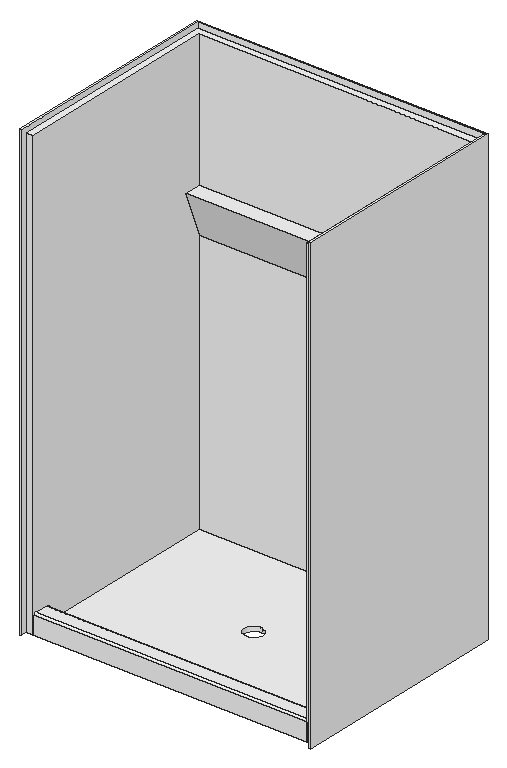
Revit family "14836FHA", category Plumbing Fixtures, Revit 2018
Family settings
  Round Connector Dimension = Use Diameter
  Part Type = Normal
  OmniClass Number = 23.45.00.00
  OmniClass Title = Sanitary, Laundry, and Cleaning Equipment
  Work Plane-Based = No
  Always vertical = Yes
  Cut with Voids When Loaded = No
  Shared = No
  Room Calculation Point = No
Parameters (values of type "SWB6234TR.75")
  URL = "http://www.comfortdesignsbathware.com/Swan.cfm"
  Trench drain material = Drain
  Smooth Gelcoat = Gelcoat-Asura-White
  Side Wall Thickness = 1 1/2"
  Seat Level = 18 5/8"
  Seat Finish = Steel-Comfort Designs Bathware-304-Stainless Steel
  S Bar Level = 34 5/8"
  Part Thickness = 1/4"
  OmniClass Title = "Shower Receptors"
  OmniClass Number = "23.45.05.14.11.21"
  Nailing Flange = 1"
  Model = "SWB6234TR.75"
  MasterFormat Title = "Commercial Showers"
  MasterFormat Number = "22.42.23"
  Manufacturer = "Comfort Designs"
  Length = 50 5/8"
  Keynote = "COMPRESSION-MOLDED  SOLID  SURFACE  SHOWER  BASE W/ TRENCH DRAIN"
  Height = 78"
  Grab Bars = Steel-Comfort Designs Bathware-304-Stainless Steel
  Drain Offset Wall = 19 1/4"
  Drain Offset Side = Center of Shower  # 25 5/16"
  Drain = 3 1/4"
  Description = "62\"W x 33\"D COMPRESSION-MOLDED  SOLID  SURFACE  SHOWER  BASE W/ TRENCH DRAIN"
  Depth = 37 5/8"
  Center of Shower = Length / 2  # 25 5/16"
  Back Wall Thickness = 1 1/2"
  Assembly Code = "D2010710"
Types (3): name | Side Wall Thickness | Part Thickness | Model | Length | Height | Drain Offset Wall | Drain Offset Side | Description | Depth | Center of Shower | Back Wall Thickness
  (no name) | 1 1/2" | 1/4" | "SWB6234TR.75" | 50 5/8" | 78" | 19 1/4" | 25 5/16" | "62\"W x 33\"D COMPRESSION-MOLDED  SOLID  SURFACE  SHOWER  BASE W/ TRENCH DRAIN" | 37 5/8" | 25 5/16" | 1 1/2"
  SWB3838TR.75 | 7/8" | 1/8" | "SWB3838TR.75" | 38" | 2 1/2" | 33 1/2" | 19" | "38\"W x 37\"D COMPRESSION-MOLDED  SOLID  SURFACE  SHOWER  BASE W/ TRENCH DRAIN" | 37" | 19" | 7/8"
  SWB6234TR.75 | 1 1/2" | 1/4" | "SWB6234TR.75" | 50 5/8" | 78" | 19 1/4" | 25 5/16" | "62\"W x 33\"D COMPRESSION-MOLDED  SOLID  SURFACE  SHOWER  BASE W/ TRENCH DRAIN" | 37 5/8" | 25 5/16" | 1 1/2"
Reference planes (in)
  plane 1 "Baco of unit": y = 0
  plane 2: z = 0
  plane 3 "Center (Left/Right)": x = 0
  plane 4 "flange": y = -37.625
  plane 5 "right wall": x = -25.3125
  plane 6 "Left wall": x = 25.3125
  plane 7 "Front": y = -1.5
  plane 8 "inside right": x = -23.8125
  plane 9 "inside left": x = 23.8125
  plane 10 "top flange": z = 80.875
  plane 11 "top shower": z = 79.875
  plane 12: y = -19.25
Forms (in)
  Extrusion 1, solid, material "Gelcoat-Asura-White" <- "Smooth Gelcoat", detail levels medium+fine
    sketch origin (0, 0, 0) x (1, 0, 0) y (0, 1, 0)
      loop
        line (-25.3125, 0) -> (-25.3125, -38.625) -> (-25.0625, -38.625) -> (-25.0625, -37.625) -> (-23.8125, -37.625) -> (-23.8125, -1.5) -> (23.8125, -1.5) -> (23.8125, -37.625) -> (25.0625, -37.625) -> (25.0625, -38.625) -> (25.3125, -38.625) -> (25.3125, 0) -> (-25.3125, 0)
    from 0 to 78 <- "Height"
  Extrusion 2, solid, material "Gelcoat-Asura-White" <- "Smooth Gelcoat", detail levels medium+fine
    sketch origin (0, 0, 78) x (1, 0, 0) y (0, 1, 0)
      loop
        line (-25.3125, 0) -> (-25.3125, -38.625) -> (-25.0625, -38.625) -> (-25.0625, -0.25) -> (25.0625, -0.25) -> (25.0625, -38.625) -> (25.3125, -38.625) -> (25.3125, 0) -> (-25.3125, 0)
    from 0 to 1 <- "Nailing Flange"
  Extrusion 3, solid, material "Gelcoat-Asura-White" <- "Smooth Gelcoat", detail levels medium+fine
    sketch origin (-23.8125, -37.625, 0) x (0, 1, 0) y (0, 0, 1)
      loop
        line (0, 0) -> (36.125, 0) -> (36.125, 0.75) -> (5.40265, 0.75)
        arc (5.40265, 0.75) -> (4.28426, 1.09192) -> (3.54828, 2.00079) r 2
        line (3.54828, 2.00079) -> (3.09571, 3.12095)
        arc (3.09571, 3.12095) -> (2.96578, 3.28576) -> (2.76764, 3.35495) r 0.375
        line (2.76764, 3.35495) -> (0.39463, 3.47932)
        arc (0.39463, 3.47932) -> (0.11687, 3.37685) -> (0, 3.10483) r 0.375
        line (0, 3.10483) -> (0, 0)
    from 0 to 47.625
  Extrusion 4, void
    sketch origin (-18, -34, 0.25) x (-1, 0, 0) y (0, 1, 0)
      loop
        circle (-18, 14.75) r 1.625
    from 0 to 0.5
  Extrusion 5, void
    sketch origin (-23.8125, -37.625, 0) x (0, -1, 0) y (1, 0, 0)
      loop
        circle (-18.375, 23.8125) r 1.625
    from 7.82293 to -8.58736
  Extrusion 6, solid, material "Gelcoat-Asura-White" <- "Smooth Gelcoat", detail levels medium+fine
    sketch origin (-23.8125, -37.625, 4.25) x (0, 1, 0) y (0, 0, 1)
      loop
        line (36.125, 50.25) -> (33.125, 50.25) -> (36.125, 42.43473) -> (36.125, 50.25)
    from 0 to 47.625
  Extrusion 7, solid, detail levels coarse
    sketch origin (0, 0, 0) x (1, 0, 0) y (0, 1, 0)
      loop
        line (-25.3125, 0) -> (-25.3125, -38.625) -> (-25.0625, -38.625) -> (-25.0625, -37.625) -> (25.0625, -37.625) -> (25.0625, -38.625) -> (25.3125, -38.625) -> (25.3125, 0) -> (-25.3125, 0)
    from 0 to 78
Cuts and joins
  joined: Extrusion 1, Extrusion 2
  Extrusion 5 cuts Extrusion 3
Lines and regions (in)
  symbolic lines
    curve 1: arc (0, -20.875, 0) -> (1.625, -19.25, 0) -> (0, -17.625, 0) r 1.625
    curve 2: arc (0, -17.625, 0) -> (-1.625, -19.25, 0) -> (0, -20.875, 0) r 1.625
  symbolic lines, style "PlumbingFixturesHiddenLines", detail levels fine
    curve 3: arc (0, -20.875, 0) -> (1.625, -19.25, 0) -> (0, -17.625, 0) r 1.625
    curve 4: arc (0, -17.625, 0) -> (-1.625, -19.25, 0) -> (0, -20.875, 0) r 1.625
Dimensions and locks (in)
  "Depth": plane 4 "flange" to plane 1 "Baco of unit"
  "Length": plane 5 "right wall" to plane 6 "Left wall"
  "Side Wall Thickness": plane 5 "right wall" to plane 8 "inside right"
  "Side Wall Thickness": plane 9 "inside left" to plane 6 "Left wall"
  "Back Wall Thickness": plane 1 "Baco of unit" to plane 7 "Front"
  "Center of Shower": plane 5 "right wall" to plane 3 "Center (Left/Right)"
  "Drain Offset Wall": plane 12 to plane 1 "Baco of unit"
  "Part Thickness": Extrusion 2 sketch curve to Extrusion 1
  "Part Thickness": Extrusion 1 to Extrusion 2 sketch curve  (x2)
  "Drain Offset Wall": Extrusion 2 to Extrusion 4 sketch curve
  "Drain Offset Side": Extrusion 4 sketch curve to Extrusion 2
  "Drain Offset Wall": Extrusion 2 to Extrusion 5 sketch curve
  "Drain Offset Side": Extrusion 2 to Extrusion 5 sketch curve
  locked: Extrusion 6 sketch curve to level at 54.5
  Extrusion 6 sketch curve to Extrusion 6 sketch curve = 3"
  Extrusion 3 sketch curve to level = 3/4"
  "Drain": diameter of Extrusion 4 sketch curve
  "Drain": diameter of Extrusion 5 sketch curve
  locked: Extrusion 6 sketch curve to Extrusion 6 sketch curve (angle 21.00°)
  locked: Extrusion 3 sketch curve to Extrusion 3 sketch curve (angle 87.00°)
  aligned and locked: level to plane 2
  aligned and locked: Extrusion 1 sketch curve to plane 5 "right wall"
  aligned and locked: plane 6 "Left wall" to Extrusion 1 sketch curve
  aligned and locked: plane 1 "Baco of unit" to Extrusion 1 sketch curve
  aligned and locked: plane 4 "flange" to Extrusion 1 sketch curve
  aligned and locked: Extrusion 1 sketch curve to plane 8 "inside right"
  aligned and locked: Extrusion 1 sketch curve to plane 7 "Front"
  aligned and locked: Extrusion 1 sketch curve to plane 9 "inside left"
  aligned and locked: Extrusion 2 sketch curve to Extrusion 1  (x2)
  aligned and locked: Extrusion 1 to Extrusion 2 sketch curve
  aligned and locked: Extrusion 1 to Extrusion 3 sketch curve
  aligned and locked: Extrusion 3 sketch curve to Extrusion 1  (x2)
  aligned and locked: Extrusion 3 to Extrusion 1
  aligned and locked: plane 9 "inside left" to Extrusion 6
  aligned and locked: Extrusion 2 to Extrusion 1  (x2)
  aligned and locked: Extrusion 7 sketch curve to cut or joined group of Extrusion 1, Extrusion 2  (x3)
  aligned and locked: cut or joined group of Extrusion 1, Extrusion 2 to Extrusion 7 sketch curve
Automatic sketch dimensions
  Extrusion 1 to Extrusion 2 sketch curve = 1"  (x2)
  curve 1 to curve 2 = 0"  (x2)
  curve 1 to curve 3 = 0"  (x2)
  curve 1 to curve 4 = 0"  (x2)
  curve 2 to curve 3 = 0"  (x3)
  curve 2 to curve 4 = 0"  (x2)
  curve 3 to curve 4 = 0"  (x2)
  curve 1 to plane 3 "Center (Left/Right)" = 0"
  curve 2 to plane 12 = 0"
  curve 4 to plane 12 = 1 5/8"
  Extrusion 6 sketch curve to Extrusion 1 = 0"
  Extrusion 1 to Extrusion 3 sketch curve = 3/8"
  Extrusion 3 sketch curve to Extrusion 3 sketch curve = 0.01963"  (x2)
  Extrusion 3 sketch curve to Extrusion 3 sketch curve = 2.37302"
  Extrusion 3 sketch curve to Extrusion 3 sketch curve = 0.34769"
  Extrusion 1 to Extrusion 3 sketch curve = 2.00079"
  Extrusion 3 sketch curve to Extrusion 3 sketch curve = 0.45257"
  Extrusion 3 sketch curve to Extrusion 3 sketch curve = 1.85437"
  Extrusion 3 sketch curve to Extrusion 3 sketch curve = 0.97968"
  Extrusion 3 sketch curve to Extrusion 3 sketch curve = 0.14048"
  plane 1 "Baco of unit" to Extrusion 7 sketch curve = 0"
  Extrusion 7 sketch curve to plane 6 "Left wall" = 0"
  Extrusion 1 sketch curve to plane 5 "right wall" = 1/4"
  plane 6 "Left wall" to Extrusion 1 sketch curve = 1/4"
  Extrusion 1 sketch curve to plane 4 "flange" = 1"  (x2)
  plane 4 "flange" to Extrusion 1 sketch curve = 0"
  Extrusion 7 sketch curve to plane 5 "right wall" = 0"
  Extrusion 7 sketch curve to plane 4 "flange" = 0"
